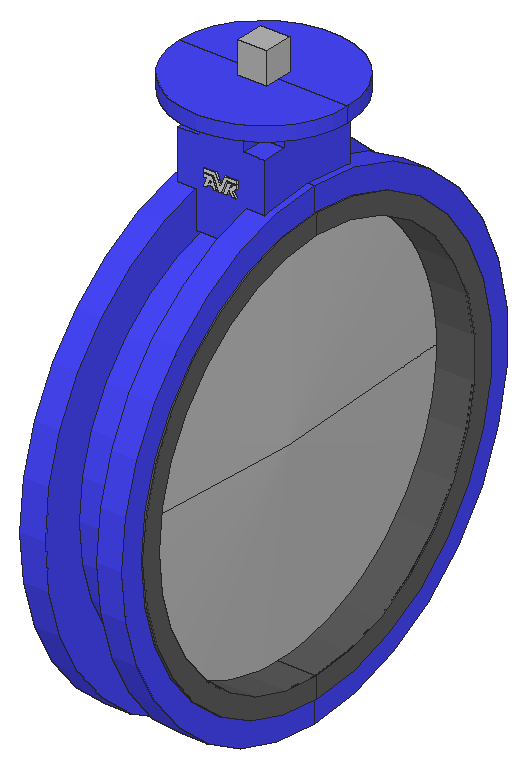
Revit family "931-00-001 DN80-900", category Pipe Accessories, Revit 2022
Family settings
  Round Connector Dimension = Use Diameter
  Part Type = Valve - Breaks Into
  Work Plane-Based = No
  Always vertical = Yes
  Cut with Voids When Loaded = No
  Shared = No
Parameters (values of type "DN500_PN16")
  rubber = (Flange_R - Bore_R) / 2  # 25 mm
  disk2 = size_lookup(Search_table, "disk2", 0 mm, DN)  # 492 mm
  disk1 = size_lookup(Search_table, "disk1", 0 mm, DN)  # 32.4 mm
  disk = size_lookup(Search_table, "disk", 0 mm, DN)  # 18 mm
  URL_product_pages = "https://www.avkvalves.com/P.aspx?no=93108000020040200000"
  Search_table = "931-00-001 DN80-900"
  PCD_R = size_lookup(Search_table, "PCD_R", 0 mm, DN)  # 325 mm
  H = size_lookup(Search_table, "H", 0 mm, DN) / 2  # 105 mm
  G = size_lookup(Search_table, "G", 0 mm, DN)  # 36 mm
  Flange_T = size_lookup(Search_table, "Flange_T", 0 mm, DN)  # 31.5 mm
  Flange_R = size_lookup(Search_table, "Flange_R", 0 mm, DN)  # 300 mm
  F = size_lookup(Search_table, "F", 0 mm, DN)  # 39 mm
  E = size_lookup(Search_table, "E", 0 mm, DN)  # 403 mm
  Description_ = "AVK BUTTERFLY VALVE, FLANGED, PN10/16"
  Default Elevation = 0 mm
  DN900_PN16 = "931-900-00-020020200000"
  DN900_PN10 = "931-900-00-010020200000"
  DN750_PN16 = "931-750-00-020020200000"
  DN080_PN10/16 = "931-080-00-020040200000"
  DN800_PN16 = "931-800-00-020020200000"
  DN800_PN10 = "931-800-00-010020200000"
  DN750_PN10 = "931-750-00-010020200000"
  DN700_PN16 = "931-700-00-020020200000"
  DN700_PN10 = "931-700-00-010020200000"
  DN600_PN16 = "931-600-00-020020200000"
  DN600_PN10 = "931-600-00-010020200000"
  DN500_PN16 = "931-500-00-020020200000"
  DN500_PN10 = "931-500-00-010020200000"
  DN400_PN16 = "931-400-00-020020200000"
  DN400_PN10 = "931-400-00-010020200000"
  DN350_PN16 = "931-350-00-020020200000"
  DN350_PN10 = "931-350-00-010020200000"
  DN300_PN16 = "931-300-00-020020200000"
  DN300_PN10 = "931-300-00-010020200000"
  DN250 PN16 = "931-250-00-020020200000"
  DN250 PN10 = "931-250-00-010020200000"
  DN200_PN16 = "931-200-00-020020200000"
  DN200_PN10 = "931-200-00-010020200000"
  DN150_PN10/16 = "931-150-00-020040200000"
  DN100_PN10/16 = "931-100-00-020040200000"
  DN = 500.1 mm
  C = size_lookup(Search_table, "C", 0 mm, DN)  # 127 mm
  Bore_R = size_lookup(Search_table, "Bore_R", 0 mm, DN)  # 250 mm
  Body_thickness = B1 * 1.05  # 259.35 mm
  Body_dim1 = C * 0.85  # 107.95 mm
  Body_dim = Actuator_Flange_R * 0.75  # 65.625 mm
  Body_Thickness = size_lookup(Search_table, "Body_Thickness", 0 mm, DN)  # 2 mm
  B1 = B + 1 mm  # 247 mm
  B = size_lookup(Search_table, "B", 0 mm, DN) / 2  # 246 mm
  Actuator_Flange_R = size_lookup(Search_table, "Actuator_Flange_R", 0 mm, DN) / 2  # 87.5 mm
  Actuator_FL_T = size_lookup(Search_table, "Actuator_FL_T", 0 mm, DN)  # 18 mm
  2 = 3 mm  # constant formula
  1 = 1 mm  # constant formula
Types (26, lengths in mm): name | rubber | disk2 | disk1 | disk | PCD_R | H | G | Flange_T | Flange_R | F | E | DN | C | Bore_R | Body_thickness | Body_dim1 | Body_dim | Body_Thickness | B1 | B | Actuator_Flange_R | Actuator_FL_T
  (no name) | 25 | 492 | 32.4 | 18 | 325 | 105 | 36 | 31.5 | 300 | 39 | 403 | 500.1 | 127 | 250 | 259.35 | 107.95 | 65.625 | 2 | 247 | 246 | 87.5 | 18
  DN080_PN10/16 | 28.5 | 78 | 9.9 | 3.5 | 77 | 45 | 11 | 19 | 97 | 18 | 159 | 80 | 46 | 40 | 42 | 39.1 | 33.75 | 6 | 40 | 39 | 45 | 19
  DN100_PN10/16 | 30 | 104 | 9.9 | 5.5 | 90 | 45 | 11 | 19 | 110 | 22 | 178 | 100 | 52 | 50 | 55.65 | 44.2 | 33.75 | 6 | 53 | 52 | 45 | 19
  DN150_PN10/16 | 33.75 | 148 | 12.6 | 7 | 120 | 45 | 14 | 19 | 142.5 | 30 | 203 | 150 | 56 | 75 | 78.75 | 47.6 | 33.75 | 6 | 75 | 74 | 45 | 19
  DN200_PN10 | 35 | 199 | 15.3 | 8.5 | 147.5 | 62.5 | 17 | 19 | 170 | 30 | 241 | 200 | 60 | 100 | 105.525 | 51 | 46.875 | 7 | 100.5 | 99.5 | 62.5 | 19
  DN200_PN16 | 35 | 199 | 15.3 | 8.5 | 147.5 | 62.5 | 17 | 20 | 170 | 30 | 241 | 200.1 | 60 | 100 | 105.525 | 51 | 46.875 | 7 | 100.5 | 99.5 | 62.5 | 20
  DN250 PN10 | 37.5 | 250 | 19.8 | 11 | 175 | 75 | 22 | 22 | 200 | 32 | 273 | 250 | 68 | 125 | 132.3 | 57.8 | 46.875 | 8 | 126 | 125 | 62.5 | 22
  DN250 PN16 | 37.5 | 250 | 19.8 | 11 | 177.5 | 75 | 22 | 20 | 200 | 32 | 273 | 250.1 | 68 | 125 | 132.3 | 57.8 | 46.875 | 8 | 126 | 125 | 62.5 | 20
  DN300_PN10 | 38.75 | 300 | 19.8 | 11 | 200 | 75 | 22 | 24.5 | 227.5 | 32 | 311 | 300 | 78 | 150 | 158.55 | 66.3 | 46.875 | 8 | 151 | 150 | 62.5 | 20
  DN300_PN16 | 38.75 | 300 | 19.8 | 11 | 205 | 75 | 22 | 24.5 | 227.5 | 32 | 311 | 300.1 | 78 | 150 | 158.55 | 66.3 | 46.875 | 8 | 151 | 150 | 62.5 | 20
  DN350_PN10 | 12.5 | 348 | 24.3 | 13.5 | 230 | 87.5 | 27 | 24.5 | 200 | 32 | 306 | 350 | 78 | 175 | 183.75 | 66.3 | 56.25 | 2 | 175 | 174 | 75 | 20
  DN350_PN16 | 12.5 | 348 | 24.3 | 13.5 | 235 | 87.5 | 27 | 26.5 | 200 | 32 | 306 | 350.1 | 78 | 175 | 183.75 | 66.3 | 56.25 | 2 | 175 | 174 | 75 | 20
  DN400_PN10 | 14 | 390 | 24.3 | 13.5 | 257.5 | 87.5 | 27 | 24.5 | 228 | 43 | 328 | 400 | 102 | 200 | 205.8 | 86.7 | 56.25 | 2 | 196 | 195 | 75 | 20
  DN400_PN16 | 15 | 390 | 24.3 | 13.5 | 262.5 | 87.5 | 27 | 28 | 230 | 43 | 328 | 400.1 | 102 | 200 | 205.8 | 86.7 | 56.25 | 2 | 196 | 195 | 75 | 20
  DN500_PN10 | 17.5 | 492 | 32.4 | 18 | 310 | 105 | 36 | 26.5 | 285 | 39 | 403 | 500 | 127 | 250 | 259.35 | 107.95 | 65.625 | 2 | 247 | 246 | 87.5 | 20
  DN500_PN16 | 25 | 492 | 32.4 | 18 | 325 | 105 | 36 | 31.5 | 300 | 39 | 403 | 500.1 | 127 | 250 | 259.35 | 107.95 | 65.625 | 2 | 247 | 246 | 87.5 | 18
  DN600_PN10 | 25 | 577 | 41.4 | 23 | 362.5 | 105 | 46 | 30 | 350 | 68 | 495 | 600 | 154 | 300 | 303.975 | 130.9 | 78.75 | 2 | 289.5 | 288.5 | 105 | 30
  DN600_PN16 | 25 | 577 | 41.4 | 23 | 385 | 105 | 46 | 36 | 350 | 68 | 495 | 600.1 | 154 | 300 | 303.975 | 130.9 | 78.75 | 2 | 289.5 | 288.5 | 105 | 30
  DN700_PN10 | 30 | 681 | 41.4 | 23 | 420 | 105 | 46 | 32.5 | 410 | 68 | 565 | 700 | 165 | 350 | 358.575 | 140.25 | 78.75 | 2 | 341.5 | 340.5 | 105 | 30
  DN700_PN16 | 30 | 681 | 41.4 | 23 | 420 | 105 | 46 | 39.5 | 410 | 68 | 565 | 700.1 | 165 | 350 | 358.575 | 140.25 | 78.75 | 2 | 341.5 | 340.5 | 105 | 30
  DN750_PN10 | 27.5 | 743 | 41.4 | 23 | 420 | 105 | 46 | 39.5 | 430 | 68 | 584 | 750 | 165 | 375 | 391.125 | 140.25 | 78.75 | 2 | 372.5 | 371.5 | 105 | 30
  DN750_PN16 | 25 | 743 | 41.4 | 23 | 420 | 105 | 46 | 39.5 | 425 | 68 | 584 | 750.1 | 165 | 375 | 391.125 | 140.25 | 78.75 | 2 | 372.5 | 371.5 | 105 | 30
  DN800_PN10 | 30 | 787 | 49.5 | 27.5 | 475 | 150 | 55 | 35 | 460 | 75 | 645 | 800 | 190 | 400 | 414.225 | 161.5 | 112.5 | 2 | 394.5 | 393.5 | 150 | 32
  DN800_PN16 | 32.5 | 787 | 49.5 | 27.5 | 475 | 150 | 55 | 43 | 465 | 75 | 645 | 800.1 | 190 | 400 | 414.225 | 161.5 | 112.5 | 2 | 394.5 | 393.5 | 150 | 32
  DN900_PN10 | 35 | 899 | 49.5 | 27.5 | 525 | 150 | 55 | 37.5 | 520 | 75 | 705 | 900 | 200 | 450 | 473.025 | 170 | 112.5 | 2 | 450.5 | 449.5 | 150 | 35
  DN900_PN16 | 37.5 | 899 | 49.5 | 27.5 | 525 | 150 | 55 | 46.5 | 525 | 75 | 705 | 900.1 | 200 | 450 | 473.025 | 170 | 112.5 | 2 | 450.5 | 449.5 | 150 | 35
Reference planes
  plane 1 "Center (Front/Back)": y = 0
  plane 2: z = 0
  plane 3 "Center (Left/Right)": x = 0
  plane 4: z = 227.5
  plane 5: x = -63.5
  plane 6: x = 63.5
  plane 7: z = 246
  plane 8: z = 403
  plane 9: z = 442
  plane 10: x = -18
  plane 11: x = 18
  plane 12: z = -123
  plane 13: z = 123
  plane 14: y = 18
  plane 15: y = -18
  plane 16: y = 18
  plane 17: y = -18
  plane 18: x = -53.975
  plane 19: x = 53.975
  plane 20: y = 65.625
  plane 21: y = -65.625
  plane 22: z = 385
  plane 23: z = 300
  plane 24: z = 248
  plane 25: z = 385
  plane 26: y = 246
  plane 27: x = -66.5
  plane 28: x = 66.5
  plane 29: x = -105
  plane 30: x = 105
  plane 31: z = 246
  plane 32: z = -246
  plane 33: y = -246
  plane 34: z = -246
  plane 35: z = 246
  plane 36: z = 300
Forms (mm)
  Revolve 1, solid, material "Default Roof"
    sketch origin (0, 0, 0) x (1, 0, 0) y (0, 0, 1)
      loop
        line (-63.5, 300) -> (-63.5, 247) -> (63.5, 247) -> (63.5, 300) -> (32, 300) -> (32, 248) -> (-32, 248) -> (-32, 300) -> (-63.5, 300)
      axis (-63.5, 0) -> (63.5, 0)
    angle from 0 to 360
  Revolve 2, solid, material "Default Roof"
    sketch origin (0, 0, 0) x (1, 0, 0) y (0, 0, 1)
      loop
        line (0, 403) -> (0, 385) -> (105, 385) -> (105, 403) -> (0, 403)
      axis (0, 403) -> (0, 385)
    angle from 0 to 360
  Extrusion 3, solid, material "Default Wall"
    sketch origin (0, 0, 0) x (1, 0, 0) y (0, 0, 1)
      loop
        line (-18, 442) -> (-18, 403) -> (18, 403) -> (18, 442) -> (-18, 442)
    from -18 to 18
  Extrusion 4, solid, material "Default Roof"
    sketch origin (0, 0, 0) x (1, 0, 0) y (0, 0, 1)
      loop
        line (-53.975, 385) -> (-53.975, 246) -> (53.975, 246) -> (53.975, 385) -> (-53.975, 385)
    from -65.625 to 65.625
  Extrusion 5, void
    sketch origin (0, 0, 0) x (0, 1, 0) y (0, 0, 1)
      loop
        line (65.625, 385) -> (34.125, 385) -> (34.125, 353.5) -> (65.625, 353.5) -> (65.625, 385)
      loop
        line (-34.125, 385) -> (-65.625, 385) -> (-65.625, 353.5) -> (-34.125, 353.5) -> (-34.125, 385)
    from 27.5 to 63.5
  Extrusion 6, void
    sketch origin (0, 0, 0) x (0, 1, 0) y (0, 0, 1)
      loop
        line (34.125, 353.5) -> (65.625, 353.5) -> (65.625, 385) -> (34.125, 385) -> (34.125, 353.5)
      loop
        line (-34.125, 385) -> (-65.625, 385) -> (-65.625, 353.5) -> (-34.125, 353.5) -> (-34.125, 385)
    from -63.5 to -27.5
  Revolve 7, solid, material "Default"
    sketch origin (0, 0, 0) x (1, 0, 0) y (0, 0, 1)
      loop
        line (-66.5, 271) -> (-66.5, 246) -> (66.5, 246) -> (66.5, 271) -> (63.5, 271) -> (63.5, 247) -> (-63.5, 247) -> (-63.5, 271) -> (-66.5, 271)
      axis (-66.5, 0) -> (66.5, 0)
    angle from 0 to 360
  Revolve 8, solid, material "Default Wall"
    sketch origin (0, 0, 0) x (1, 0, 0) y (0, 1, 0)
      loop
        line (-32.4, 0) -> (32.4, 0)
        arc (32.4, 0) -> (29.596, 123.257) -> (18, 246) r 1725.977
        line (18, 246) -> (-18, 246)
        arc (-18, 246) -> (-29.596, 123.257) -> (-32.4, 0) r 1725.977
      axis (-32.4, 0) -> (32.4, 0)
    angle from 0 to 360
Cuts and joins
  Extrusion 5, Extrusion 6 cuts Revolve 2
  Extrusion 5, Extrusion 6 cuts Extrusion 4
Dimensions and locks
  "B": plane 7 to level
  equal spacing: plane 6, plane 3 "Center (Left/Right)", plane 5
  "C": plane 6 to plane 5
  "Flange_T": Revolve 1 sketch curve to plane 5
  "Flange_T": plane 6 to Revolve 1 sketch curve
  "E": plane 8 to level
  equal spacing: plane 11, plane 3 "Center (Left/Right)", plane 10
  "G": plane 11 to plane 10
  "F": plane 9 to plane 8
  equal spacing: plane 13, level, plane 12
  "B": plane 13 to plane 12
  "H": Revolve 2 sketch curve to plane 3 "Center (Left/Right)"
  "Actuator_FL_T": plane 8 to Revolve 2 sketch curve
  equal spacing: Extrusion 3 sketch curve, plane 3 "Center (Left/Right)", Extrusion 3 sketch curve
  equal spacing: plane 14, plane 1 "Center (Front/Back)", plane 15
  "G": plane 14 to plane 15
  equal spacing: plane 16, plane 1 "Center (Front/Back)", plane 17
  "G": plane 16 to plane 17
  equal spacing: Extrusion 4 sketch curve, plane 3 "Center (Left/Right)", Extrusion 4 sketch curve
  "Actuator_FL_T": plane 8 to Extrusion 4 sketch curve
  equal spacing: plane 19, plane 3 "Center (Left/Right)", plane 18
  "Body_dim1": plane 19 to plane 18
  equal spacing: plane 20, plane 1 "Center (Front/Back)", plane 21
  "Body_dim": plane 20 to plane 1 "Center (Front/Back)"
  "Actuator_FL_T": plane 8 to Extrusion 5 sketch curve
  "Flange_T": plane 20 to Extrusion 5 sketch curve
  "Actuator_FL_T": plane 8 to plane 22
  "Flange_T": plane 22 to Extrusion 5 sketch curve
  equal spacing: Extrusion 5 sketch curve, plane 1 "Center (Front/Back)", Extrusion 5 sketch curve
  "G": plane 6 to cut or joined group of Extrusion 4, Extrusion 5, Extrusion 6
  "G": cut or joined group of Extrusion 4, Extrusion 5, Extrusion 6 to plane 5
  equal spacing: Revolve 7 sketch curve, plane 3 "Center (Left/Right)", Revolve 7 sketch curve  (x2)
  "2": plane 5 to Revolve 7 sketch curve
  "B1": Revolve 1 sketch curve to level
  "Flange_R": plane 23 to level
  "rubber": Revolve 7 sketch curve to plane 7
  "Body_Thickness": plane 24 to plane 7
  "Actuator_FL_T": plane 8 to plane 25
  "Flange_T": plane 25 to cut or joined group of Extrusion 4, Extrusion 5, Extrusion 6
  equal spacing: cut or joined group of Extrusion 4, Extrusion 5, Extrusion 6, plane 1 "Center (Front/Back)", cut or joined group of Extrusion 4, Extrusion 5, Extrusion 6
  "Flange_T": plane 20 to cut or joined group of Extrusion 4, Extrusion 5, Extrusion 6
  equal spacing: Revolve 8 sketch curve, plane 3 "Center (Left/Right)", Revolve 8 sketch curve  (x2)
  "disk": Revolve 8 sketch curve to plane 3 "Center (Left/Right)"
  "disk1": Revolve 8 sketch curve to plane 3 "Center (Left/Right)"
  equal spacing: plane 28, plane 3 "Center (Left/Right)", plane 27
  "2": plane 5 to plane 27
  equal spacing: plane 30, plane 3 "Center (Left/Right)", plane 29
  "H": plane 30 to plane 3 "Center (Left/Right)"
  equal spacing: plane 32, level, plane 31
  "disk2": plane 32 to plane 31
  "1": plane 31 to Revolve 7 sketch curve
  plane 6 to plane 5 = 127 mm  (x2)
  plane 29 to plane 30 = 210 mm
  equal spacing: plane 26, plane 1 "Center (Front/Back)", plane 33
  "disk2": plane 26 to plane 33
  equal spacing: plane 35, level, plane 34
  "disk2": plane 7 to plane 34
  "Flange_R": plane 36 to level
  plane 30 to plane 29 = 210 mm
  aligned and locked: level to plane 2
  aligned and locked: plane 5 to Revolve 1 sketch curve
  aligned and locked: plane 6 to Revolve 1 sketch curve
  aligned and locked: Revolve 1 sketch curve to Revolve 1 sketch curve
  aligned and locked: Revolve 1 sketch curve to level
  aligned and locked: plane 3 "Center (Left/Right)" to Revolve 2 sketch curve
  aligned and locked: Revolve 2 sketch curve to plane 8
  aligned and locked: Revolve 2 sketch curve to plane 3 "Center (Left/Right)"
  aligned and locked: plane 10 to Extrusion 3 sketch curve
  aligned and locked: plane 8 to Extrusion 3 sketch curve
  aligned and locked: Extrusion 3 sketch curve to plane 9
  aligned and locked: Extrusion 3 to plane 16
  aligned and locked: Extrusion 3 to plane 17
  aligned and locked: Extrusion 4 sketch curve to plane 18
  aligned and locked: plane 7 to Extrusion 4 sketch curve
  aligned and locked: Extrusion 4 to plane 20
  aligned and locked: Extrusion 4 to plane 21
  aligned and locked: Extrusion 5 sketch curve to plane 22
  aligned and locked: plane 21 to Extrusion 5 sketch curve
  aligned and locked: Extrusion 5 sketch curve to Extrusion 5 sketch curve
  aligned and locked: plane 6 to Extrusion 5
  aligned and locked: cut or joined group of Revolve 2, Extrusion 5, Extrusion 6 to Extrusion 6 sketch curve  (x2)
  aligned and locked: Extrusion 6 to plane 5
  aligned and locked: Revolve 7 sketch curve to Revolve 7 sketch curve
  aligned and locked: Revolve 7 sketch curve to level
  aligned and locked: Revolve 7 sketch curve to plane 5
  aligned and locked: Revolve 1 sketch curve to plane 23
  aligned and locked: Revolve 1 sketch curve to plane 24
  aligned and locked: Extrusion 6 to plane 20
  aligned and locked: Extrusion 6 to plane 21
  aligned and locked: Extrusion 5 to plane 20
  aligned and locked: cut or joined group of Extrusion 4, Extrusion 5, Extrusion 6 to cut or joined group of Extrusion 4, Extrusion 5, Extrusion 6
  aligned and locked: plane 1 "Center (Front/Back)" to Revolve 8 sketch curve  (x2)
  aligned and locked: Revolve 8 sketch curve to plane 26
  aligned and locked: Revolve 7 sketch curve to plane 7
  aligned and locked: plane 3 "Center (Left/Right)" to nested 1
  aligned and locked: nested 1 to plane 36
Automatic sketch dimensions
  Extrusion 6 sketch curve to plane 21 = 0 mm
  Extrusion 6 sketch curve to plane 20 = 0 mm
  Extrusion 6 sketch curve to plane 17 = 16.125 mm
  Extrusion 6 sketch curve to plane 16 = 16.125 mm
  Extrusion 6 sketch curve to Extrusion 6 sketch curve = 31.5 mm  (x2)
  plane 10 to Revolve 1 sketch curve = 0.688 mm
  Revolve 1 sketch curve to plane 6 = 7.188 mm
  Revolve 2 sketch curve to plane 25 = 2.849 mm
  Revolve 2 sketch curve to Revolve 2 sketch curve = 2 mm
  Extrusion 5 sketch curve to plane 20 = 0 mm
  plane 5 to Revolve 7 sketch curve = 1.194 mm
  Revolve 7 sketch curve to plane 30 = 28.711 mm
  Revolve 8 sketch curve to plane 16 = 4.397 mm  (x2)
  Revolve 8 sketch curve to Revolve 8 sketch curve = 9.223 mm
  plane 30 to Revolve 8 sketch curve = 6.863 mm
Nested families
  nested 1: "logo small-1" at (0, -65.625, 305.729) x (1, 0, 0) z (0, -1, 0), type "logo small-1"
Connectors
  piping at (-66.5, 0, 0), diameter 500.1, driven by "DN"
    settings: on Revolve 7, index 1, connector inside diameter 609.6 mm, connector length 0 mm, flow factor 0, pipe flow 0.0 L/s, pressure drop 0.0 Pa, fitting loss kfactor 0, connector angle 0.00°, fixture units 0, engagement length 0 mm, angle of deflection 0.00°, flow configuration 0, flow direction 0, fitting loss method 0, system type 7, joint type 0, gender type 0, connector reference index -1, connector utility 0, adjustable connector no, is connector primary yes, connector description ""
  piping at (66.5, 0, 0), diameter 500.1, driven by "DN"
    settings: on Revolve 7, index 2, connector inside diameter 609.6 mm, connector length 0 mm, flow factor 0, pipe flow 0.0 L/s, pressure drop 0.0 Pa, fitting loss kfactor 0, connector angle 0.00°, fixture units 0, engagement length 0 mm, angle of deflection 0.00°, flow configuration 0, flow direction 0, fitting loss method 0, system type 7, joint type 0, gender type 0, connector reference index -1, connector utility 0, adjustable connector no, is connector primary no, connector description ""
Definition of nested family "logo small-1"
  Parameters
    Default Elevation = 1219.2 mm
  Reference planes
    plane 1 "Center (Front/Back)": y = 0
    plane 2: z = 0
    plane 3 "Center (Left/Right)": x = 0
  Forms (mm)
    Extrusion 1, solid
      sketch origin (0, 0, 0) x (1, 0, 0) y (0, 1, 0)
        loop
          line (-26.697, 30) -> (-26.697, -20.859) -> (26.519, -20.859) -> (26.519, 30) -> (-26.697, 30)
      from 0 to -304.8
    Extrusion 2, solid
      sketch origin (0, 0, 0) x (1, 0, 0) y (0, 1, 0)
        loop
          line (-20.607, 8.379) -> (-20.607, 4.302) -> (-16.724, 4.302) -> (-20.607, -5.729) -> (-16.724, -5.729) -> (-15.818, -3.389) -> (-9.104, -3.389) -> (-8.117, -5.729) -> (-3.91, -5.729) -> (-9.864, 8.379) -> (-20.607, 8.379)
        loop
          line (-12.518, 5.079) -> (-14.33, 0) -> (-10.641, 0) -> (-12.518, 5.079)
        loop
          line (-8.635, 9.738) -> (-2.292, -5.729) -> (2.173, -5.729) -> (8.451, 9.738) -> (20.488, 9.738) -> (20.488, 13.686) -> (5.312, 13.686) -> (0, 0) -> (-5.463, 13.686) -> (-20.607, 13.686) -> (-20.607, 9.738) -> (-8.635, 9.738)
        loop
          line (20.488, 4.302) -> (20.488, 8.379) -> (16.605, 8.379)
          arc (16.605, 8.379) -> (15.328, 4.717) -> (11.816, 3.072) r 4.995
          line (11.816, 3.072) -> (13.952, 8.379) -> (9.68, 8.379) -> (3.921, -5.729) -> (8.29, -5.729) -> (10.518, -0.27) -> (14.236, -5.729) -> (19.616, -5.729) -> (14.879, 0.432)
          arc (14.879, 0.432) -> (17.563, 1.981) -> (19.616, 4.302) r 9.637
          line (19.616, 4.302) -> (20.488, 4.302)
      from 0 to 2
  Dimensions and locks
    aligned and locked: plane 2 to Extrusion 1
    aligned and locked: level to Extrusion 1
    aligned and locked: Extrusion 2 sketch curve to import instance  (x36)
    aligned and locked: plane 1 "Center (Front/Back)" to Extrusion 2 sketch curve
